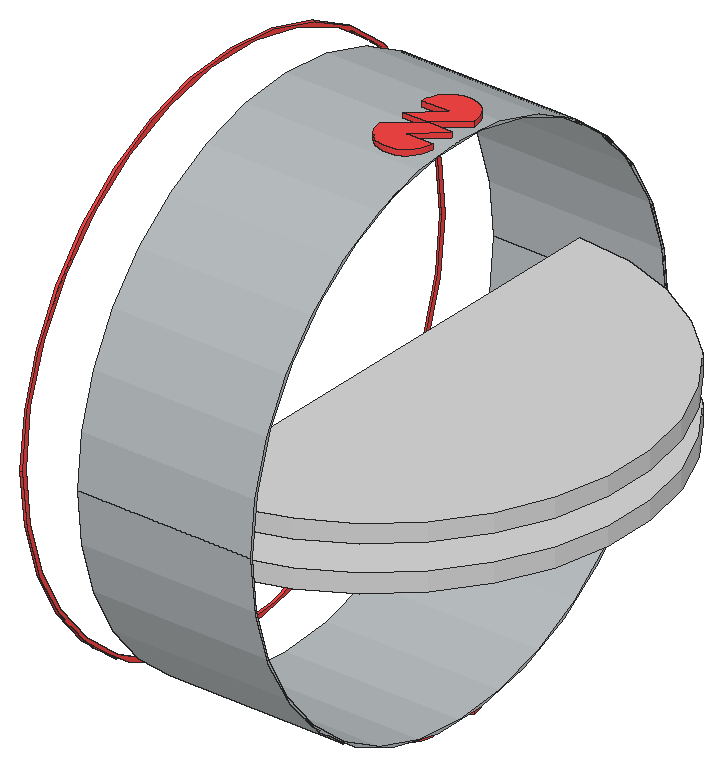
Revit family "NLRS_57_DUA_UN_Firedamper_LT_BDFC_Solid_Air", category Duct Accessories, Revit 2017
Family settings
  Round Connector Dimension = Use Diameter
  Part Type = Breaks Into
  Work Plane-Based = No
  Always vertical = No
  Cut with Voids When Loaded = No
  Shared = No
Parameters (values of type "BFDC")
  URL = "https://solid-air.nl/producten/brand--en-rookwerende-componenten/brandkleppen"
  Show Symbol = yes
  SACS_Warning_Text_Other [instance] = if(SACS_Warning_Other, "Duct size invalid. Please use valid diameter", " ")  # " "
  SACS_Warning_Text_Flow [instance] = if(SACS_Warning_Flow, "Flow over recommend maximum.", " ")  # " "
  SACS_Warning_Other [instance] = or(not(SACS_Diameter = NLRS_M_c01_diameter), SACS_Full_Index = -2)  # no
  SACS_Warning_Flow [instance] = SACS_Air_Velocity > 10.0 m/s  # no
  SACS_Type_Mark [instance] = ""
  SACS_Radius_Internal [instance] = (SACS_Diameter - 2.50 mm) / 2  # 98.75 mm
  SACS_Radius_3 [instance] = SACS_Diameter / 2 + 0.50 mm  # 100.50 mm
  SACS_Radius_2 [instance] = if(SACS_Diameter = 100.00 mm, 47.00 mm, if(SACS_Diameter = 125.00 mm, 59.50 mm, if(SACS_Diameter = 160.00 mm, 77.50 mm, 97.50 mm)))  # 97.50 mm
  SACS_Radius_1 [instance] = (SACS_Diameter - 1.50 mm) / 2  # 99.25 mm
  SACS_Model [instance] = size_lookup(Article_Data, "", "N/A", SACS_Diameter)  # "BFDC-El120S-d200"
  SACS_Length_Y = 5.00 mm  # constant formula
  SACS_Length_X = 66.00 mm
  SACS_Full_Index [instance] = size_lookup(Article_Data, "KorteCode", -2, SACS_Diameter)  # 9503
  SACS_Diameter [instance] = if(NLRS_M_c01_diameter > 710.00 mm, 800.00 mm, if(NLRS_M_c01_diameter > 630.00 mm, 710.00 mm, if(NLRS_M_c01_diameter > 560.00 mm, 630.00 mm, if(NLRS_M_c01_diameter > 500.00 mm, 560.00 mm, if(NLRS_M_c01_diameter > 450.00 mm, 500.00 mm, if(NLRS_M_c01_diameter > 400.00 mm, 500.00 mm, if(NLRS_M_c01_diameter > 355.00 mm, 400.00 mm, if(NLRS_M_c01_diameter > 315.00 mm, 355.00 mm, if(NLRS_M_c01_diameter > 250.00 mm, 315.00 mm, if(NLRS_M_c01_diameter > 200.00 mm, 250.00 mm, if(NLRS_M_c01_diameter > 160.00 mm, 200.00 mm, if(NLRS_M_c01_diameter > 125.00 mm, 160.00 mm, if(NLRS_M_c01_diameter > 100.00 mm, 125.00 mm, 100.00 mm)))))))))))))  # 200.00 mm
  SACS_Air_Velocity [instance] = SACS_Air_Flow / (SACS_Diameter ^ 2 * pi() / 4)  # 0.0 m/s
  SACS_AX_Prefix = 925  # constant formula
  NLRS_M_c01_drukverlies_statisch [instance] = 0.0 Pa
  NLRS_M_c01_diameter [instance] = 200.00 mm
  LoadBearing = 1 = 0  # no
  IfcExportType = "FIREDAMPER"  # constant formula
  IfcExportAs = "IfcDamperType"  # constant formula
  IfcDescription = Description  # "Ronde brandklep"
  Fuse temperatuur (default) = "72 degrees Celsius"  # constant formula
  FireRating = "EN 1366-2 and EN 13501-3, 2h"  # constant formula
  Casing material = "Galvanized Steel"  # constant formula
  Blade material = "Promatect"  # constant formula
  Article_Data = "BFDC_Article_Data"  # constant formula
  built-in parameter 1114242 [instance] = (empty or 0)
  Type Comments = "This damper is installed INSIDE a round duct."  # constant formula
  SACS_Dummy = 1  # constant formula
  SACS_Article_Code [instance] = size_lookup(Article_Codes, "", "N/A", SACS_Full_Index * 1.00 mm)  # "9250009503"
  SACS_Air_Flow [instance] = 0.0 m³/h
  NLRS_M_c01_debiet [instance] = SACS_Air_Flow * SACS_Dummy  # 0.0 m³/h
  NLRS_C_lengte [instance] = (SACS_Length_X) * SACS_Dummy  # 66.00 mm
  NLRS_C_niveau ontwikkeling = "LOD400"  # constant formula
  NLRS_C_model [instance] = SACS_Model  # "BFDC-El120S-d200"
  NLRS_C_description = Description  # "Ronde brandklep"
  NLRS_C_content_versie = "Versie 1.7"  # constant formula
  NLRS_C_content_provider = "Solid Air Climate Systems"  # constant formula
  NLRS_C_content_datum_uitgifte = "10-03-2020"  # constant formula
  NLRS_C_content_creator = "J. Feeke"  # constant formula
  Model = "Brandklep - Rond"  # constant formula
  Manufacturer = "Solid Air Climate Solutions"  # constant formula
  Description = "Ronde brandklep"  # constant formula
  Article_Codes = "BFDC_Article_Codes"  # constant formula
  Assembly Code = "57.70"
Reference planes
  plane 1 "Center (Front/Back)": y = 0
  plane 2: z = 0
  plane 3 "Center (Left/Right)": x = 0
  plane 4 "Back": y = 99.25
  plane 5 "Front": y = -99.25
  plane 6 "Top": z = 99.25
  plane 7 "Bottom": z = -99.25
  plane 8 "Axel": x = -32
  plane 9 "Top_Blade": z = 5
  plane 10 "Bottom_Blade": z = -5
  plane 11 "Left": x = -66
  plane 12 "Wall": x = -86
Forms (mm)
  Extrusion 1, solid, not visible
    sketch origin (0, 0, 0) x (0, 1, 0) y (0, 0, 1)
      loop
        circle (0, 0) r 5
    from -66 to 0
  Extrusion 2, solid, material "NLRS_A_SACS_SVZ", detail levels medium+fine
    sketch origin (-66, 0, 0) x (0, 1, 0) y (0, 0, 1)
      loop
        circle (0, 0) r 99.25
      loop
        circle (0, 0) r 98.75
    from 0 to 66
  Extrusion 3, solid, material "Promatect", detail levels medium+fine
    sketch origin (0, 0, 5) x (0, 1, 0) y (-1, 0, 0)
      loop
        line (97.5, 32) -> (-97.5, 32)
        arc (-97.5, 32) -> (0, -65.5) -> (97.5, 32) r 97.5
    from 0 to 7
  Extrusion 4, solid, material "Promatect", detail levels medium+fine
    sketch origin (-100, 0, -5) x (0, 1, 0) y (-1, 0, 0)
      loop
        line (97.5, -68) -> (-97.5, -68)
        arc (-97.5, -68) -> (0, -165.5) -> (97.5, -68) r 97.5
    from 0 to -7
  Extrusion 5, solid, material "SACS_Label", detail levels medium+fine
    sketch origin (-86, 0, 0) x (0, 1, 0) y (0, 0, 1)
      loop
        circle (0, 0) r 100.5
      loop
        circle (0, 0) r 99.25
    from 0 to -1
Lines and regions (mm)
  model lines, detail levels coarse
    curve 1: line (-100, 0, 0) -> (0, 0, 0)
  symbolic lines, style "Placement Zone", visible <- "Show Symbol", detail levels medium+fine
    curve 2: arc (-32, 0, -99.25) -> (67.25, 0, 0) -> (-32, 0, 99.25) r 99.25
  symbolic lines, style "Placement Zone", visible <- "Show Symbol"
    curve 3: line (-32, -99.25, 99.25) -> (-32, -99.25, -99.25)
Dimensions and locks
  "SACS_Radius_1": plane 6 "Top" to level
  "SACS_Radius_1": level to plane 7 "Bottom"
  "SACS_Radius_1": plane 4 "Back" to plane 1 "Center (Front/Back)"
  "SACS_Radius_1": plane 1 "Center (Front/Back)" to plane 5 "Front"
  "SACS_Length_Y": level to plane 10 "Bottom_Blade"
  "SACS_Length_Y": plane 9 "Top_Blade" to level
  locked: plane 8 "Axel" to plane 3 "Center (Left/Right)" at 32
  locked: plane 11 "Left" to plane 3 "Center (Left/Right)" at 66
  plane 12 "Wall" to plane 11 "Left" = 20.00 mm
  diameter of Extrusion 1 sketch curve = 10.00 mm
  "SACS_Radius_1": radius of Extrusion 2 sketch curve
  "SACS_Radius_Internal": radius of Extrusion 2 sketch curve
  "SACS_Radius_2": radius of Extrusion 3 sketch curve
  "SACS_Radius_2": radius of Extrusion 4 sketch curve
  "SACS_Radius_1": radius of Extrusion 5 sketch curve
  "SACS_Radius_3": radius of Extrusion 5 sketch curve
  aligned and locked: level to plane 2
  aligned and locked: Extrusion 2 to plane 11 "Left"
  aligned and locked: plane 3 "Center (Left/Right)" to Extrusion 2
  aligned and locked: Extrusion 3 sketch curve to plane 8 "Axel"
  aligned and locked: plane 3 "Center (Left/Right)" to nested 1
  aligned and locked: plane 3 "Center (Left/Right)" to nested 2
  aligned and locked: curve 3 to plane 8 "Axel"
  aligned and locked: plane 6 "Top" to curve 2
  aligned and locked: plane 7 "Bottom" to curve 2
  aligned and locked: nested 3 to plane 1 "Center (Front/Back)"
  aligned and locked: nested 3 to plane 6 "Top"
  aligned and locked: plane 7 "Bottom" to nested 4
  aligned and locked: plane 3 "Center (Left/Right)" to Extrusion 1
  aligned and locked: Extrusion 1 to plane 11 "Left"
Automatic sketch dimensions
  plane 1 "Center (Front/Back)" to curve 1 = 0.00 mm
  curve 1 to plane 3 "Center (Left/Right)" = 0.00 mm
  Extrusion 1 sketch curve to level = 0.00 mm
  Extrusion 1 sketch curve to plane 1 "Center (Front/Back)" = 0.00 mm
  curve 2 to plane 8 "Axel" = 0.00 mm
  curve 3 to plane 7 "Bottom" = 0.00 mm
  curve 3 to plane 6 "Top" = 0.00 mm
  curve 1 to plane 11 "Left" = 34.00 mm
  Extrusion 2 sketch curve to Extrusion 2 sketch curve = 0.00 mm  (x2)
  Extrusion 2 sketch curve to level = 0.00 mm
  Extrusion 2 sketch curve to plane 1 "Center (Front/Back)" = 0.00 mm
  plane 1 "Center (Front/Back)" to Extrusion 3 sketch curve = 0.00 mm
  Extrusion 4 sketch curve to plane 8 "Axel" = 0.00 mm
  plane 1 "Center (Front/Back)" to Extrusion 4 sketch curve = 0.00 mm
  Extrusion 5 sketch curve to Extrusion 5 sketch curve = 0.00 mm  (x2)
  Extrusion 5 sketch curve to level = 0.00 mm
  Extrusion 5 sketch curve to plane 1 "Center (Front/Back)" = 0.00 mm
Nested families
  nested 1: "FD-Symbol" at (-33, 0, 0), visible <- "Show Symbol", type "FD-Symbol"
    with count 2
  nested 2: "FD-Symbol" at (-33, -99.25, 0) x (1, 0, 0) z (0, -1, 0), visible <- "Show Symbol", type "FD-Symbol"
    with count 2
  nested 3: "logo_nijburg" at (-11.75, 32.973, 99.25) x (0, 1, 0) z (0, 0, 1), type "logo_nijburg"
    with text "model text", Offset 52.484 mm
  nested 4: "logo_nijburg" at (-11.75, 32.973, -101.25) x (0, 1, 0) z (0, 0, 1), type "logo_nijburg"
    with text "model text", Offset 52.484 mm
Connectors
  hvac at (-66, 0, 0), driven by "SACS_Air_Flow", driven by "NLRS_M_c01_diameter", driven by "NLRS_M_c01_drukverlies_statisch", driven by "NLRS_M_c01_diameter"
    settings: on Extrusion 1, index 2, duct flow 0.0 m³/h, flow factor 0, pres drop 0.0 Pa, loss coef 0, conn angle 0.00°, conn width 200 mm, conn height 300 mm, conn diameter 200 mm, duct sys type 29, conn prof type 0, flow config 0, flow direction 0, loss method 4, conn ref index 3, conn util no, is conn primary yes, conn desc ""
  hvac at (-66, 0, 0), driven by "NLRS_M_c01_diameter", driven by "NLRS_M_c01_drukverlies_statisch", driven by "SACS_Air_Flow"
    settings: on Extrusion 1, index 3, duct flow 0.0 m³/h, flow factor 0, pres drop 0.0 Pa, loss coef 0, conn angle 0.00°, conn width 304.8 mm, conn height 304.8 mm, conn diameter 200 mm, duct sys type 29, conn prof type 0, flow config 0, flow direction 0, loss method 4, conn ref index 2, conn util no, is conn primary no, conn desc ""
Definition of nested family "logo_nijburg"
  Parameters (values of type "logo_nijburg")
    text [instance] = "model text"
    Offset [instance] = 52.484 mm
    Model = "LOD 400"
    Description = "Model type"
  Reference planes
    plane 1 "Center (Front/Back)": y = 0
    plane 2: z = 0
    plane 3 "Center (Left/Right)": x = 0
    plane 4: z = 2
    plane 5: x = -52.484
  Forms (mm)
    Extrusion 1, solid
      sketch origin (-580.618, -297.937, 0) x (1, 0, 0) y (0, 1, 0)
        loop
          arc (538.389, 308.938) -> (528.389, 298.938) -> (538.389, 288.938) r 10
          line (538.389, 288.938) -> (538.389, 298.938) -> (547.644, 288.947) -> (547.644, 298.355) -> (538.389, 308.938)
      from 0 to 2
    Extrusion 2, solid
      sketch origin (514.671, 298.773, 0) x (-1, 0, 0) y (0, -1, 0)
        loop
          arc (538.389, 308.938) -> (528.389, 298.938) -> (538.389, 288.938) r 10
          line (538.389, 288.938) -> (538.389, 298.938) -> (547.644, 288.947) -> (547.644, 298.355) -> (538.389, 308.938)
      from 0 to 2
  Dimensions and locks
    "Offset": plane 5 to plane 3 "Center (Left/Right)"
    aligned and locked: level to plane 2
    aligned and locked: plane 4 to Extrusion 1
  Automatic sketch dimensions
    plane 5 to Extrusion 1 sketch curve = 10.256 mm
    Extrusion 1 sketch curve to Extrusion 1 sketch curve = 9.255 mm
    Extrusion 1 sketch curve to Extrusion 1 sketch curve = 0.009 mm
    Extrusion 1 sketch curve to Extrusion 1 sketch curve = 10.00 mm
    Extrusion 1 sketch curve to Extrusion 1 sketch curve = 0.00 mm  (x2)
    Extrusion 1 sketch curve to Extrusion 1 sketch curve = 0.583 mm
    plane 5 to Extrusion 2 sketch curve = 28.766 mm
    Extrusion 2 sketch curve to Extrusion 2 sketch curve = 9.255 mm
    Extrusion 2 sketch curve to Extrusion 2 sketch curve = 0.009 mm
    Extrusion 2 sketch curve to Extrusion 2 sketch curve = 10.00 mm
    Extrusion 2 sketch curve to Extrusion 2 sketch curve = 0.00 mm  (x2)
    Extrusion 2 sketch curve to Extrusion 2 sketch curve = 0.583 mm
    plane 1 "Center (Front/Back)" to Extrusion 1 sketch curve = 8.999 mm
    Extrusion 2 sketch curve to plane 1 "Center (Front/Back)" = 9.836 mm
Definition of nested family "FD-Symbol"
  Parameters (values of type "FD-Symbol")
    count [instance] = 2
    Length = 66.00 mm
    Half_W = 99.25 mm
  Reference planes
    plane 1 "Center (Front/Back)": y = 0
    plane 2: z = 0
    plane 3 "Center (Left/Right)": x = 0
    plane 4: x = -33
    plane 5: x = 33
  Lines and regions (mm)
    Filled region 1, type "FD_Symbol", in view "Ref. Level", detail levels medium+fine
      outline origin (0, 0, 0) x (1, 0, 0) y (0, 1, 0)
        loop
          line (-33, -99.25) -> (33, -99.25) -> (0, 0) -> (-33, -99.25)
    Filled region 2, type "FD_Symbol", in view "Ref. Level", detail levels coarse
      outline origin (0, 0, 0) x (1, 0, 0) y (0, 1, 0)
        loop
          circle (0, 0) r 50
    Filled region 3, type "FD_Symbol", in view "Ref. Level", detail levels medium+fine
      outline origin (0, 0, 0) x (0, -1, 0) y (1, 0, 0)
        loop
          line (-99.25, -33) -> (0, 0) -> (-99.25, 33) -> (-99.25, -33)
    detail lines, in view "Ref. Level", detail levels coarse
      curve 1: line (0, 0, 0) -> (70.711, 70.711, 0)
      curve 2: line (0, 0, 0) -> (-70.711, -70.711, 0)
  Dimensions and locks
    "Half_W": Filled region 1 sketch curve to plane 1 "Center (Front/Back)"
    locked: curve 2 to plane 3 "Center (Left/Right)" at 70.711
    locked: curve 2 to plane 1 "Center (Front/Back)" at 70.711
    locked: plane 3 "Center (Left/Right)" to curve 1 at 70.711
    locked: plane 1 "Center (Front/Back)" to curve 1 at 70.711
    equal spacing: Filled region 1 sketch curve, plane 3 "Center (Left/Right)", Filled region 1 sketch curve
    "Length": Filled region 1 sketch curve to Filled region 1 sketch curve
    "Length": Filled region 3 sketch curve to Filled region 3 sketch curve
    "Half_W": plane 1 "Center (Front/Back)" to Filled region 3 sketch curve
    equal spacing: Filled region 3 sketch curve, plane 3 "Center (Left/Right)", Filled region 3 sketch curve
    equal spacing: plane 4, plane 3 "Center (Left/Right)", plane 5
    "Length": plane 4 to plane 5
  Automatic sketch dimensions
    plane 1 "Center (Front/Back)" to curve 2 = 0.00 mm
    curve 2 to plane 3 "Center (Left/Right)" = 0.00 mm
    plane 1 "Center (Front/Back)" to Filled region 2 sketch curve = 0.00 mm
    Filled region 2 sketch curve to plane 3 "Center (Left/Right)" = 0.00 mm
    plane 1 "Center (Front/Back)" to Filled region 1 sketch curve = 0.00 mm
    Filled region 1 sketch curve to plane 3 "Center (Left/Right)" = 0.00 mm
    plane 1 "Center (Front/Back)" to Filled region 3 sketch curve = 0.00 mm
    Filled region 3 sketch curve to plane 3 "Center (Left/Right)" = 0.00 mm
    radius of Filled region 2 sketch curve = 50.00 mm
